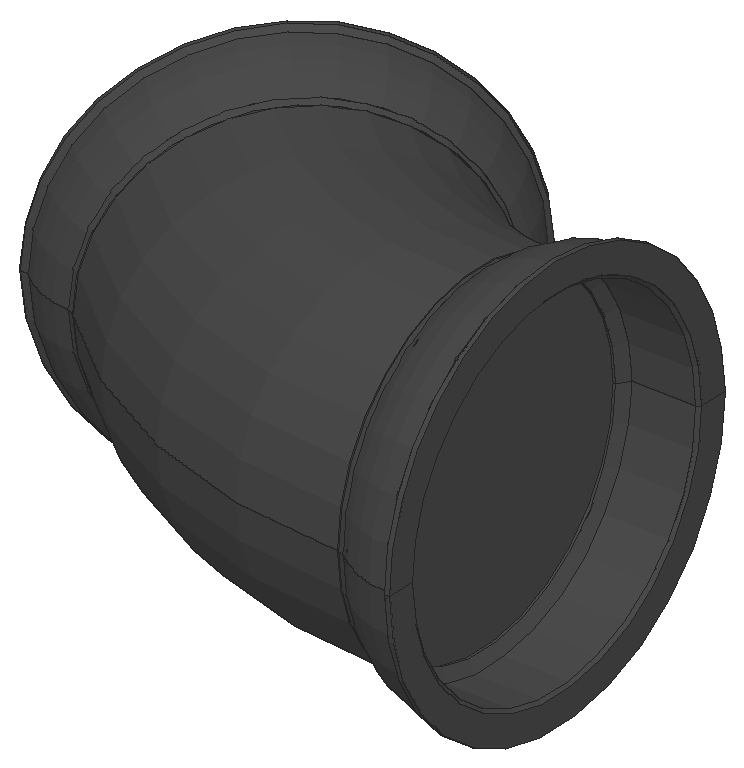
Revit family "FoFo_BB_Curva45", category Pipe Fittings, Revit 2025
Family settings
  Round Connector Dimension = Use Radius
  Part Type = Elbow
  OmniClass Number = 23.60.30.11.14
  OmniClass Title = Pipework Fittings
  Work Plane-Based = Yes
  Always vertical = No
  Cut with Voids When Loaded = No
  Shared = Yes
Parameters (values of type "C45JGS_0500")
  Material_Conexao = FOFO
  Manufacturer = "SGC"
  Loss Method = K Coefficient from Table
  K Coefficient Table = "Tee"
  Junta_1_Tipo = FoFo_BO_Junta : JGS_0500
  Description = "Curva 90"
  Default Elevation = 0.0 mm
  DN = "500"
  Corpo_R = Corpo_L / tan(22.50°)  # 579.411 mm
  Corpo_L = 240.0 mm
  Corpo_RE1 = 0.5 * Corpo_DE  # 266.0 mm
  Corpo_DE = 532.0 mm
Types (16, lengths in mm): name | Junta_1_Tipo | DN | Corpo_R | Corpo_L | Corpo_RE1 | Corpo_DE
  C45JGS_1200 | FoFo_BO_Junta : JGS_1200 | "600" | 1327.817 | 550.0 | 627.5 | 1255.0
  C45JGS_1000 | FoFo_BO_Junta : JGS_1000 | "500" | 1110.538 | 460.0 | 524.0 | 1048.0
  C45JGS_0900 | FoFo_BO_Junta : JGS_0900 | "450" | 1001.899 | 415.0 | 472.5 | 945.0
  C45JGS_0800 | FoFo_BO_Junta : JGS_0800 | "400" | 893.259 | 370.0 | 421.0 | 842.0
  C45JGS_0700 | FoFo_BO_Junta : JGS_0700 | "350" | 796.69 | 330.0 | 369.0 | 738.0
  C45JGS_0600 | FoFo_BO_Junta : JGS_0600 | "600" | 688.051 | 285.0 | 317.5 | 635.0
  C45JGS_0500 | FoFo_BO_Junta : JGS_0500 | "500" | 579.411 | 240.0 | 266.0 | 532.0
  C45JGS_0450 | FoFo_BO_Junta : JGS_0450 | "450" | 531.127 | 220.0 | 240.0 | 480.0
  C45JGS_0400 | FoFo_BO_Junta : JGS_0400 | "400" | 470.772 | 195.0 | 214.5 | 429.0
  C45JGS_0350 | FoFo_BO_Junta : JGS_0350 | "350" | 422.487 | 175.0 | 189.0 | 378.0
  C45JGS_0300 | FoFo_BO_Junta : JGS_0300 | "300" | 362.132 | 150.0 | 163.0 | 326.0
  C45JGS_0250 | FoFo_BO_Junta : JGS_0250 | "250" | 313.848 | 130.0 | 137.0 | 274.0
  C45JGS_0200 | FoFo_BO_Junta : JGS_0200 | "200" | 265.563 | 110.0 | 111.0 | 222.0
  C45JGS_0150 | FoFo_BO_Junta : JGS_0150 | "150" | 205.208 | 85.0 | 85.0 | 170.0
  C45JGS_0100 | FoFo_BO_Junta : JGS_0100 | "100" | 156.924 | 65.0 | 59.0 | 118.0
  C45JGS_0080 | FoFo_BO_Junta : JGS_0080 | "80" | 132.782 | 55.0 | 49.0 | 98.0
Reference planes
  plane 1 "EixoP": y = 205.208
  plane 2: z = 0
  plane 3 "EixoS": x = 434.476
  plane 4: y = 784.619
  plane 5: x = 674.476
Forms (mm)
  Sweep 1, solid, material "FOFO" <- "Material_Conexao"
    path origin (0, 0, 0) x (1, 0, 0) y (0, 1, 0)
      loop
        arc (674.476, 205.208) -> (452.745, 249.313) -> (264.77, 374.914) r 579.411
    profile origin (452.745, 249.313, 0) x (-0.382683, -0.92388, 0) y (0, 0, 1)
      loop
        circle (0, 0) r 266
Lines and regions (mm)
  model lines, style "PipeFittingCenterLine"
    curve 1: line (264.77, 374.914, -189) -> (264.77, 374.914, 189)
Dimensions and locks
  "Corpo_L": plane 5 to plane 3 "EixoS"
  "Corpo_R": plane 4 to plane 1 "EixoP"
  "Corpo_DE": diameter of Sweep 1 sketch curve
  locked: plane 5 to plane 1 "EixoP" (angle 90.00°)
  locked: Sweep 1 sketch curve to Sweep 1 sketch curve (angle 45.00°)
  aligned and locked: nested 2 to Sweep 1
  aligned and locked: nested 1 to Sweep 1
Automatic sketch dimensions
  plane 1 "EixoP" to Sweep 1 sketch curve = 0.0 mm
  Sweep 1 sketch curve to plane 5 = 0.0 mm
  Sweep 1 sketch curve to plane 4 = 0.0 mm
  curve 1 to level = 189.0 mm
  level to curve 1 = 189.0 mm
  level to Sweep 1 sketch curve = 0.0 mm
  Sweep 1 sketch curve to profile plane = 0.0 mm
Nested families
  nested 1: "FoFo_BO_Junta" at (-1943.774, 205.208, 0), type <- "Junta_1_Tipo", type "JGS_0500"
  nested 2: "FoFo_BO_Junta" at (2116.152, -1476.469, 0) x (-0.7071, 0.7071, 0) z (0, 0, 1), type <- "Junta_1_Tipo", type "JGS_0500"
Connectors
  piping at (674.476, 205.208, 0), diameter 532, driven by "Corpo_RE1"
    settings: on Sweep 1, index 1, connector inside diameter 24", connector length 0.0 mm, flow factor 0, pipe flow 0 GPM, pressure drop 0.00 psi, fitting loss kfactor 0, connector angle 0.00°, fixture units 0, engagement length 0.0 mm, angle of deflection 0.00°, flow configuration 0, flow direction 0, fitting loss method 0, system type 7, joint type 0, gender type 0, connector reference index -1, connector utility 0, adjustable connector no, is connector primary yes, connector description ""
  piping at (264.77, 374.914, 0), diameter 532, driven by "Corpo_RE1"
    settings: on Sweep 1, index 2, connector inside diameter 24", connector length 0.0 mm, flow factor 0, pipe flow 0 GPM, pressure drop 0.00 psi, fitting loss kfactor 0, connector angle 0.00°, fixture units 0, engagement length 0.0 mm, angle of deflection 0.00°, flow configuration 0, flow direction 0, fitting loss method 0, system type 7, joint type 0, gender type 0, connector reference index -1, connector utility 0, adjustable connector no, is connector primary no, connector description ""
Definition of nested family "FoFo_BO_Junta"
  Parameters (values of type "JGS_0400")
    Manufacturer = "SGC"
    Loss Method = 1
    K Coefficient Table = "Tee"
    Description = "Bolsas JGS - JTI - JTE"
    Default Elevation = 0.0 mm
    DN = "400"
    Bolsa_RL = 0.5 * Bolsa_DL  # 200.0 mm
    Material_Conexao = none
    Bolsa_DL = 400.0 mm
    Bolsa_Borde3 = Bolsa_Borde1 * 1.1  # 7.7 mm
    Bolsa_Borde1 = 7.0 mm
    Bolsa_RI = 0.5 * Bolsa_DI  # 216.0 mm
    Bolsa_RE = 0.5 * Bolsa_DE  # 214.5 mm
    Bolsa_RB = 0.5 * Bolsa_DB  # 258.5 mm
    Bolsa_Borde2 = Bolsa_Borde1 * 2  # 14.0 mm
    Bolsa_P = 112.0 mm
    Bolsa_E2 = 0.5 * Bolsa_E  # 3.0 mm
    Bolsa_E = 6.0 mm
    Bolsa_DI = 432.0 mm
    Bolsa_DE = 429.0 mm
    Bolsa_DB = 517.0 mm
  Types (16, lengths in mm): name | DN | Bolsa_RL | Bolsa_DL | Bolsa_RI | Bolsa_RE | Bolsa_RB | Bolsa_P | Bolsa_DI | Bolsa_DE | Bolsa_DB
    JGS_1200 | "1200" | 600.0 | 1200.0 | 629.0 | 627.5 | 706.0 | 167.0 | 1258.0 | 1255.0 | 1412.0
    JGS_1000 | "1000" | 500.0 | 1000.0 | 525.5 | 524.0 | 595.5 | 157.0 | 1051.0 | 1048.0 | 1191.0
    JGS_0900 | "900" | 450.0 | 900.0 | 474.0 | 472.5 | 541.0 | 147.0 | 948.0 | 945.0 | 1082.0
    JGS_0800 | "800" | 400.0 | 800.0 | 422.5 | 421.0 | 487.0 | 147.0 | 845.0 | 842.0 | 974.0
    JGS_0700 | "700" | 350.0 | 700.0 | 370.5 | 369.0 | 431.5 | 147.0 | 741.0 | 738.0 | 863.0
    JGS_0600 | "600" | 300.0 | 600.0 | 319.0 | 317.5 | 369.5 | 122.0 | 638.0 | 635.0 | 739.0
    JGS_0500 | "500" | 250.0 | 500.0 | 267.5 | 266.0 | 315.0 | 117.0 | 535.0 | 532.0 | 630.0
    JGS_0450 | "450" | 225.0 | 450.0 | 241.5 | 240.0 | 287.5 | 115.0 | 483.0 | 480.0 | 575.0
    JGS_0400 | "400" | 200.0 | 400.0 | 216.0 | 214.5 | 258.5 | 112.0 | 432.0 | 429.0 | 517.0
    JGS_0350 | "350" | 175.0 | 350.0 | 190.5 | 189.0 | 232.5 | 110.0 | 381.0 | 378.0 | 465.0
    JGS_0300 | "300" | 150.0 | 300.0 | 164.5 | 163.0 | 205.0 | 107.0 | 329.0 | 326.0 | 410.0
    JGS_0250 | "250" | 125.0 | 250.0 | 138.5 | 137.0 | 176.5 | 105.0 | 277.0 | 274.0 | 353.0
    JGS_0200 | "200" | 100.0 | 200.0 | 112.5 | 111.0 | 148.0 | 106.0 | 225.0 | 222.0 | 296.0
    JGS_0150 | "150" | 75.0 | 150.0 | 86.5 | 85.0 | 121.5 | 100.0 | 173.0 | 170.0 | 243.0
    JGS_0100 | "100" | 50.0 | 100.0 | 60.5 | 59.0 | 94.5 | 94.0 | 121.0 | 118.0 | 189.0
    JGS_0080 | "80" | 40.0 | 80.0 | 50.5 | 49.0 | 84.0 | 92.0 | 101.0 | 98.0 | 168.0
  Reference planes
    plane 1 "EixoP": y = 0
    plane 2: z = 0
    plane 3 "EixoS": x = 2618.25
    plane 4: x = 2730.25
    plane 5: y = 258.5
    plane 6: y = 216
    plane 7: y = 214.5
    plane 8: y = 200
  Forms (mm)
    Revolve 1, solid, material <- "Material_Conexao"
      sketch origin (-3000, 0, 0) x (1, 0, 0) y (0, 1, 0)
        loop
          arc (5716.25, 250.8) -> (5670.117, 241.457) -> (5628.857, 218.804) r 156.302
          line (5628.857, 218.804) -> (5618.25, 214.5) -> (5618.25, 200.5) -> (5623.25, 200.5) -> (5633.25, 216) -> (5725.25, 216) -> (5730.25, 221) -> (5730.25, 258.5) -> (5723.25, 258.5) -> (5716.25, 250.8)
        axis (5618.25, 0) -> (5730.25, 0)
      angle from 0 to 360
  Lines and regions (mm)
    model lines
      curve 1: line (2731.572, 0, 0) -> (2618.25, 0, 0)
      curve 2: line (2618.25, 0, 200.5) -> (2618.25, 0, -200.5)
  Dimensions and locks
    "Bolsa_Borde1": Revolve 1 sketch curve to Revolve 1 sketch curve
    "Bolsa_Borde2": Revolve 1 sketch curve to Revolve 1 sketch curve
    "Bolsa_Borde3": Revolve 1 sketch curve to Revolve 1 sketch curve
    "Bolsa_P": plane 3 "EixoS" to Revolve 1 sketch curve
    "Bolsa_P": plane 4 to plane 3 "EixoS"
    "Bolsa_RB": plane 5 to plane 1 "EixoP"
    "Bolsa_RI": plane 6 to plane 1 "EixoP"
    "Bolsa_RE": plane 7 to plane 1 "EixoP"
    "Bolsa_RL": plane 8 to plane 1 "EixoP"
    aligned and locked: Revolve 1 sketch curve to plane 1 "EixoP"
    aligned and locked: Revolve 1 sketch curve to plane 5
    aligned and locked: plane 6 to Revolve 1 sketch curve
    aligned and locked: curve 1 to plane 1 "EixoP"
    aligned and locked: curve 2 to plane 1 "EixoP"
  Automatic sketch dimensions
    curve 1 to plane 3 "EixoS" = 0.0 mm
    plane 4 to curve 1 = 1.322 mm
    curve 2 to level = 200.5 mm
    level to curve 2 = 200.5 mm
    Revolve 1 sketch curve to plane 3 "EixoS" = 0.0 mm  (x2)
    Revolve 1 sketch curve to plane 7 = 0.0 mm
    plane 8 to Revolve 1 sketch curve = 0.5 mm
    plane 3 "EixoS" to Revolve 1 sketch curve = 5.0 mm
    plane 6 to Revolve 1 sketch curve = 2.804 mm
    plane 3 "EixoS" to Revolve 1 sketch curve = 10.607 mm
    Revolve 1 sketch curve to Revolve 1 sketch curve = 4.393 mm
    Revolve 1 sketch curve to plane 4 = 6.397 mm
    Revolve 1 sketch curve to plane 4 = 5.0 mm
    plane 6 to Revolve 1 sketch curve = 5.0 mm
    plane 4 to Revolve 1 sketch curve = 9.153 mm
